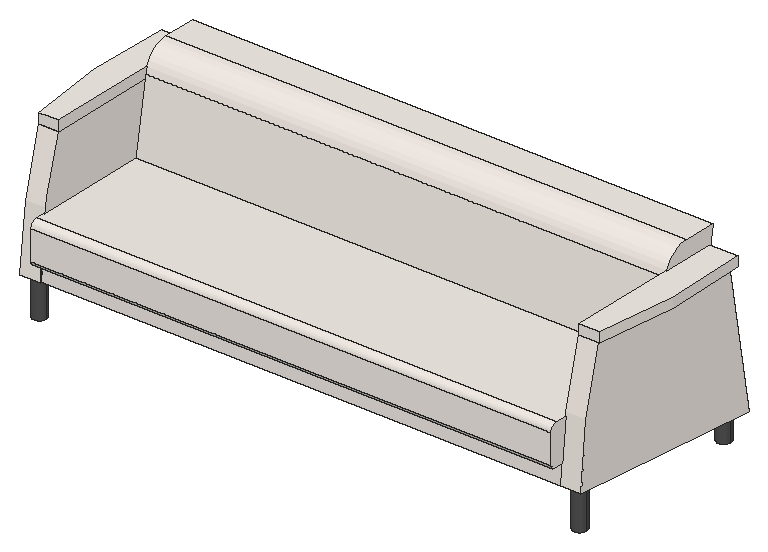
Revit family
Parameters (values of type "2134mm")
  Length = 2134.00 mm
  Sofa Material = Textile - Linen, Smooth
  Frame Material = Metal - Chrome
Types (3, lengths in mm): name | Length
  (no name) | 2134.00
  2134mm | 2134.00
  1650mm | 1650.00
Reference planes
  plane 1 "Center (Front/Back)": y = 277.11
  plane 2: z = 0
  plane 3 "Center (Left/Right)": x = 278.606
  plane 4: y = 696.21
  plane 5: y = -141.99
  plane 6: x = 1345.606
  plane 7: x = -788.394
  plane 8: z = 736.6
  plane 9: z = 406.4
  plane 10: x = 1269.406
  plane 11: x = -712.194
  plane 12: x = -750.294
  plane 13: x = 1307.506
  plane 14: y = 632.71
  plane 15: y = -53.09
Forms (mm)
  Extrusion 1, solid, material "Textile - Linen, Smooth" <- "Sofa Material"
    sketch origin (0, 0, 0) x (0, 1, 0) y (0, 0, 1)
      loop
        arc (-141.99, 240.126) -> (-137.34, 228.901) -> (-126.115, 224.251) r 15.875
        line (-126.115, 224.251) -> (667.654, 224.251) -> (609.538, 620.172) -> (626.334, 726.077) -> (502.255, 726.077)
        arc (502.255, 726.077) -> (436.948, 702.307) -> (402.199, 642.12) r 101.6
        line (402.199, 642.12) -> (355.39, 376.651) -> (-116.59, 376.651)
        arc (-116.59, 376.651) -> (-134.551, 369.212) -> (-141.99, 351.251) r 25.4
        line (-141.99, 351.251) -> (-141.99, 240.126)
    from -712.194 to 1269.406
  Extrusion 2, solid, material "Textile - Linen, Smooth" <- "Sofa Material"
    sketch origin (1269.406, 0, 0) x (0, 1, 0) y (0, 0, 1)
      loop
        line (-97.79, 149.311) -> (701.762, 79.359) -> (608.692, 626.02) -> (-9.394, 626.02)
        arc (-9.394, 626.02) -> (-71.771, 391.036) -> (-97.79, 149.311) r 1598.542
    from 0 to 76.2
  Extrusion 3, solid, material "Textile - Linen, Smooth" <- "Sofa Material"
    sketch origin (-712.194, 0, 0) x (0, 1, 0) y (0, 0, 1)
      loop
        line (608.692, 626.02) -> (-9.394, 626.02)
        arc (-9.394, 626.02) -> (-71.771, 391.036) -> (-97.79, 149.311) r 1598.542
        line (-97.79, 149.311) -> (701.762, 79.359) -> (608.692, 626.02)
    from 0 to -76.2
  Extrusion 4, solid, material "Textile - Linen, Smooth" <- "Sofa Material"
    sketch origin (1269.406, 0, 0) x (0, 1, 0) y (0, 0, 1)
      loop
        line (-93.695, 224.251) -> (-93.695, 148.051) -> (668.305, 148.051) -> (668.305, 224.251) -> (-93.695, 224.251)
    from 0 to -1981.6
  Extrusion 5, solid, material "Textile - Linen, Smooth" <- "Sofa Material"
    sketch origin (-712.194, 608.692, 626.02) x (-1, 0, 0) y (0, -1, 0)
      loop
        line (76.2, 618.086) -> (0, 618.086) -> (0, 0) -> (101.6, 0)
        arc (101.6, 0) -> (110.688, 309.938) -> (76.2, 618.086) r 2204.494
      loop
        arc (-2059.921, 618.086) -> (-2096.87, 309.988) -> (-2090.28, -0.248) r 2208.911
        line (-2090.28, -0.248) -> (-1981.6, -0.248) -> (-1981.6, 618.086) -> (-2059.921, 618.086)
    from 0 to 38.1
  Extrusion 6, solid, material "Metal - Chrome" <- "Frame Material"
    sketch origin (0, 0, 0) x (1, 0, 0) y (0, 1, 0)
      loop
        circle (-750.294, -53.09) r 25.4
      loop
        circle (-750.294, 632.71) r 25.4
      loop
        circle (1307.506, 632.71) r 25.4
      loop
        circle (1307.506, -53.09) r 25.4
    from 0 to 148.431
Cuts and joins
  joined: Extrusion 2, Extrusion 3, Extrusion 4
Lines and regions (mm)
  Masking region 1
    outline origin (0, 0, 0) x (1, 0, 0) y (0, 1, 0)
      loop
        line (1269.406, 668.305) -> (-712.194, 668.305) -> (-712.194, 701.762) -> (-788.394, 701.762) -> (-788.394, 608.692) -> (-813.794, 608.692)
        arc (-813.794, 608.692) -> (-822.882, 298.753) -> (-788.394, -9.394) r 2204.494
        line (-788.394, -9.394) -> (-788.394, -97.79) -> (-712.194, -97.79) -> (-712.194, -141.99) -> (1269.406, -141.99) -> (1269.406, -97.79) -> (1345.606, -97.79) -> (1345.606, -20.296)
        arc (1345.606, -20.296) -> (1384.397, 293.158) -> (1378.086, 608.94) r 2208.911
        line (1378.086, 608.94) -> (1345.606, 608.94) -> (1345.606, 696.21) -> (1269.406, 696.21) -> (1269.406, 668.305)
  symbolic lines
    curve 1: line (-788.394, -9.394, 0) -> (-712.194, -9.394, 0)
    curve 2: line (-712.194, -97.79, 0) -> (-712.194, 667.654, 0)
    curve 3: line (-788.394, 608.692, 0) -> (-712.194, 608.692, 0)
    curve 4: line (1345.606, 608.692, 0) -> (1269.406, 608.692, 0)
    curve 5: line (1269.406, 667.654, 0) -> (1269.406, -97.79, 0)
    curve 6: line (1269.406, -9.394, 0) -> (1347.727, -9.394, 0)
    curve 7: line (1269.406, 609.538, 0) -> (-712.194, 609.538, 0)
    curve 8: line (1269.406, 355.39, 0) -> (-712.194, 355.39, 0)
Dimensions and locks
  equal spacing: plane 7, plane 3 "Center (Left/Right)", plane 6
  "Length": plane 7 to plane 6
  equal spacing: plane 5, plane 1 "Center (Front/Back)", plane 4
  locked: plane 5 to plane 4 at 838.2
  locked: plane 14 to plane 4 at 63.5
  locked: plane 5 to plane 15 at 88.9
  locked: plane 7 to plane 11 at 76.2
  locked: plane 10 to plane 6 at 76.2
  locked: plane 7 to plane 12 at 38.1
  locked: plane 13 to plane 6 at 38.1
  aligned and locked: Extrusion 1 to plane 10
  aligned and locked: plane 11 to Extrusion 1
  aligned and locked: Extrusion 2 to plane 6
  aligned and locked: plane 7 to Extrusion 3
  aligned and locked: Extrusion 1 to Extrusion 4 sketch curve
  aligned and locked: plane 11 to Extrusion 4
  aligned and locked: Extrusion 5 sketch curve to Extrusion 5 sketch curve
  aligned and locked: Extrusion 5 sketch curve to Extrusion 3
  aligned and locked: plane 5 to Extrusion 1
  aligned and locked: Masking region 1 sketch curve to Extrusion 5
  aligned and locked: Masking region 1 sketch curve to plane 6
  aligned and locked: Extrusion 5 to Masking region 1 sketch curve
  aligned and locked: plane 7 to Masking region 1 sketch curve
  aligned and locked: Masking region 1 sketch curve to Extrusion 3
  aligned and locked: Masking region 1 sketch curve to plane 11
  aligned: curve 8 to Extrusion 1
Automatic sketch dimensions
  Extrusion 1 sketch curve to plane 5 = 0.00 mm
  Extrusion 1 sketch curve to Extrusion 1 sketch curve = 15.875 mm
  Extrusion 1 sketch curve to Extrusion 1 sketch curve = 25.40 mm
  Extrusion 1 sketch curve to plane 1 "Center (Front/Back)" = 78.28 mm
  Extrusion 1 sketch curve to plane 1 "Center (Front/Back)" = 125.089 mm
  Extrusion 1 sketch curve to Extrusion 1 sketch curve = 100.056 mm
  plane 4 to Extrusion 1 sketch curve = 86.672 mm
  plane 8 to Extrusion 1 sketch curve = 10.523 mm
  plane 4 to Extrusion 1 sketch curve = 69.875 mm
  plane 4 to Extrusion 1 sketch curve = 28.556 mm
  Extrusion 1 sketch curve to Extrusion 1 sketch curve = 83.957 mm
  Extrusion 1 sketch curve to Extrusion 1 sketch curve = 105.905 mm
  plane 9 to Extrusion 1 sketch curve = 29.749 mm
  Extrusion 1 sketch curve to Extrusion 1 sketch curve = 111.125 mm
  Extrusion 2 sketch curve to plane 5 = 44.20 mm
  plane 1 "Center (Front/Back)" to Extrusion 2 sketch curve = 286.504 mm
  plane 4 to Extrusion 2 sketch curve = 87.518 mm
  Extrusion 2 sketch curve to plane 4 = 5.552 mm
  level to Extrusion 2 sketch curve = 99.589 mm
  Extrusion 2 sketch curve to Extrusion 2 sketch curve = 798.216 mm
  level to Extrusion 2 sketch curve = 79.359 mm
  level to Extrusion 2 sketch curve = 149.311 mm
  Extrusion 3 sketch curve to plane 5 = 44.20 mm
  plane 1 "Center (Front/Back)" to Extrusion 3 sketch curve = 286.504 mm
  plane 4 to Extrusion 3 sketch curve = 87.518 mm
  Extrusion 3 sketch curve to plane 4 = 5.552 mm
  level to Extrusion 3 sketch curve = 99.589 mm
  Extrusion 3 sketch curve to Extrusion 3 sketch curve = 798.216 mm
  level to Extrusion 3 sketch curve = 79.359 mm
  level to Extrusion 3 sketch curve = 149.311 mm
  Extrusion 4 sketch curve to plane 5 = 48.295 mm
  plane 4 to Extrusion 4 sketch curve = 27.905 mm
  Extrusion 4 sketch curve to Extrusion 4 sketch curve = 76.20 mm
  Extrusion 5 sketch curve to plane 10 = 0.00 mm
  Extrusion 5 sketch curve to plane 11 = 0.00 mm
  Extrusion 5 sketch curve to plane 6 = 2.121 mm
  Extrusion 5 sketch curve to plane 6 = 32.48 mm
  Extrusion 5 sketch curve to plane 6 = 34.147 mm
  plane 7 to Extrusion 5 sketch curve = 0.00 mm
  plane 7 to Extrusion 5 sketch curve = 25.40 mm
  plane 7 to Extrusion 5 sketch curve = 33.183 mm
  plane 4 to Extrusion 5 sketch curve = 87.518 mm
  plane 4 to Extrusion 5 sketch curve = 87.27 mm
  Extrusion 6 sketch curve to plane 14 = 0.00 mm  (x2)
  Extrusion 6 sketch curve to plane 15 = 0.00 mm  (x2)
  Extrusion 6 sketch curve to plane 12 = 0.00 mm  (x2)
  Extrusion 6 sketch curve to plane 13 = 0.00 mm  (x2)
  Extrusion 6 sketch curve to plane 7 = 12.70 mm  (x2)
  Extrusion 6 sketch curve to plane 10 = 12.70 mm  (x2)
  Masking region 1 sketch curve to plane 7 = 0.00 mm
  Masking region 1 sketch curve to plane 5 = 0.00 mm
  Masking region 1 sketch curve to plane 11 = 0.00 mm
  Masking region 1 sketch curve to plane 10 = 0.00 mm  (x2)
  Masking region 1 sketch curve to plane 4 = 0.00 mm
  Masking region 1 sketch curve to plane 6 = 0.00 mm
  plane 7 to Masking region 1 sketch curve = 25.40 mm
  plane 7 to Masking region 1 sketch curve = 33.183 mm
  Masking region 1 sketch curve to plane 6 = 32.48 mm
  Masking region 1 sketch curve to plane 6 = 34.147 mm
  Masking region 1 sketch curve to plane 5 = 44.20 mm  (x2)
  Masking region 1 sketch curve to Masking region 1 sketch curve = 77.494 mm
  Masking region 1 sketch curve to Masking region 1 sketch curve = 88.396 mm
  plane 4 to Masking region 1 sketch curve = 27.905 mm
  curve 3 to plane 7 = 0.00 mm
  curve 1 to plane 7 = 0.00 mm
  curve 4 to plane 6 = 0.00 mm
  curve 6 to plane 6 = 2.121 mm
  curve 2 to plane 5 = 44.20 mm
  curve 5 to plane 5 = 44.20 mm
  curve 5 to curve 6 = 88.396 mm
  curve 2 to curve 1 = 88.396 mm
  plane 4 to curve 4 = 87.518 mm
  plane 4 to curve 3 = 87.518 mm
  plane 4 to curve 2 = 28.556 mm
  plane 4 to curve 5 = 28.556 mm
  curve 4 to curve 7 = 0.846 mm
  curve 8 to plane 11 = 0.00 mm
  curve 8 to plane 10 = 0.00 mm
  curve 8 to plane 1 "Center (Front/Back)" = 78.28 mm
